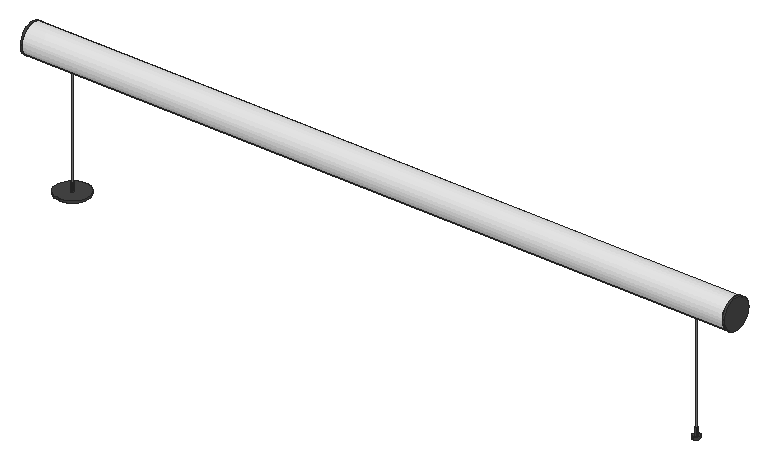
Revit family "Lighting-Linear-Baso-Tubo_Surface_Suspended", category Lighting Fixtures, host Face, Revit 2020 (continued)
Types in the file's own list only (360): name | Wattage Comments | Suspended | Photometric File Name | Mounting Method | Lumens Output | Length | C Length | Model | CRI | CCT | Apparent Load
  TUBO-SUR-GR-OP-30K-C90-UNV-010V-1050LF-72IN | "46W" | No | "generic.ies" | "Pendant" | "1050lm/ft" | 6' - 0" | 6' - 0" | "TUBO-SUR-GR-OP-30K-C90-UNV-010V-1050LF-72IN" | "CRI>90" | "3000K" | 51 VA
  TUBO-SUR-GR-OP-30K-C90-UNV-010V-1050LF-96IN | "61W" | No | "BASO__20_06_TUBO-DIR-OP-30K-1000LF-96IN.ies" | "Pendant" | "1050lm/ft" | 8' - 0" | 8' - 0" | "TUBO-SUR-GR-OP-30K-C90-UNV-010V-1050LF-96IN" | "CRI>90" | "3000K" | 68 VA
  TUBO-SUR-GR-OP-30K-C90-UNV-010V-1050LF-XXIN | "77W" | No | "generic.ies" | "Pendant" | "1050lm/ft" | 2' - 0" | 2' - 0" | "TUBO-SUR-GR-OP-30K-C90-UNV-010V-1050LF-XXIN" | "CRI>90" | "3000K" | 86 VA
  TUBO-SUR-GR-OP-35K-C80-UNV-010V-0680LF-24IN | "9W" | No | "generic.ies" | "Pendant" | "680lm/ft" | 2' - 0" | 2' - 0" | "TUBO-SUR-GR-OP-35K-C80-UNV-010V-0680LF-24IN" | "CRI>80" | "3500K" | 10 VA
  TUBO-SUR-GR-OP-35K-C80-UNV-010V-0680LF-48IN | "19W" | No | "BASO__20_06_TUBO-DIR-OP-35K-0600LF-48IN.ies" | "Pendant" | "680lm/ft" | 4' - 0" | 4' - 0" | "TUBO-SUR-GR-OP-35K-C80-UNV-010V-0680LF-48IN" | "CRI>80" | "3500K" | 21 VA
  TUBO-SUR-GR-OP-35K-C80-UNV-010V-0680LF-72IN | "29W" | No | "generic.ies" | "Pendant" | "680lm/ft" | 6' - 0" | 6' - 0" | "TUBO-SUR-GR-OP-35K-C80-UNV-010V-0680LF-72IN" | "CRI>80" | "3500K" | 32 VA
  TUBO-SUR-GR-OP-35K-C80-UNV-010V-0680LF-96IN | "38W" | No | "BASO__20_06_TUBO-DIR-OP-35K-0600LF-96IN.ies" | "Pendant" | "680lm/ft" | 8' - 0" | 8' - 0" | "TUBO-SUR-GR-OP-35K-C80-UNV-010V-0680LF-96IN" | "CRI>80" | "3500K" | 42 VA
  TUBO-SUR-GR-OP-35K-C80-UNV-010V-0680LF-XXIN | "47W" | No | "generic.ies" | "Pendant" | "680lm/ft" | 2' - 0" | 2' - 0" | "TUBO-SUR-GR-OP-35K-C80-UNV-010V-0680LF-XXIN" | "CRI>80" | "3500K" | 52 VA
  TUBO-SUR-GR-OP-35K-C80-UNV-010V-1050LF-24IN | "15W" | No | "generic.ies" | "Pendant" | "1050lm/ft" | 2' - 0" | 2' - 0" | "TUBO-SUR-GR-OP-35K-C80-UNV-010V-1050LF-24IN" | "CRI>80" | "3500K" | 17 VA
  TUBO-SUR-GR-OP-35K-C80-UNV-010V-1050LF-48IN | "31W" | No | "BASO__20_06_TUBO-DIR-OP-35K-1000LF-48IN.ies" | "Pendant" | "1050lm/ft" | 4' - 0" | 4' - 0" | "TUBO-SUR-GR-OP-35K-C80-UNV-010V-1050LF-48IN" | "CRI>80" | "3500K" | 34 VA
  TUBO-SUR-GR-OP-35K-C80-UNV-010V-1050LF-72IN | "46W" | No | "generic.ies" | "Pendant" | "1050lm/ft" | 6' - 0" | 6' - 0" | "TUBO-SUR-GR-OP-35K-C80-UNV-010V-1050LF-72IN" | "CRI>80" | "3500K" | 51 VA
  TUBO-SUR-GR-OP-35K-C80-UNV-010V-1050LF-96IN | "61W" | No | "BASO__20_06_TUBO-DIR-OP-35K-1000LF-96IN.ies" | "Pendant" | "1050lm/ft" | 8' - 0" | 8' - 0" | "TUBO-SUR-GR-OP-35K-C80-UNV-010V-1050LF-96IN" | "CRI>80" | "3500K" | 68 VA
  TUBO-SUR-GR-OP-35K-C80-UNV-010V-1050LF-XXIN | "77W" | No | "generic.ies" | "Pendant" | "1050lm/ft" | 2' - 0" | 2' - 0" | "TUBO-SUR-GR-OP-35K-C80-UNV-010V-1050LF-XXIN" | "CRI>80" | "3500K" | 86 VA
  TUBO-SUR-GR-OP-35K-C90-UNV-010V-0680LF-24IN | "9W" | No | "generic.ies" | "Pendant" | "680lm/ft" | 2' - 0" | 2' - 0" | "TUBO-SUR-GR-OP-35K-C90-UNV-010V-0680LF-24IN" | "CRI>90" | "3500K" | 10 VA
  TUBO-SUR-GR-OP-35K-C90-UNV-010V-0680LF-48IN | "19W" | No | "BASO__20_06_TUBO-DIR-OP-35K-0600LF-48IN.ies" | "Pendant" | "680lm/ft" | 4' - 0" | 4' - 0" | "TUBO-SUR-GR-OP-35K-C90-UNV-010V-0680LF-48IN" | "CRI>90" | "3500K" | 21 VA
  TUBO-SUR-GR-OP-35K-C90-UNV-010V-0680LF-72IN | "29W" | No | "generic.ies" | "Pendant" | "680lm/ft" | 6' - 0" | 6' - 0" | "TUBO-SUR-GR-OP-35K-C90-UNV-010V-0680LF-72IN" | "CRI>90" | "3500K" | 32 VA
  TUBO-SUR-GR-OP-35K-C90-UNV-010V-0680LF-96IN | "38W" | No | "BASO__20_06_TUBO-DIR-OP-35K-0600LF-96IN.ies" | "Pendant" | "680lm/ft" | 8' - 0" | 8' - 0" | "TUBO-SUR-GR-OP-35K-C90-UNV-010V-0680LF-96IN" | "CRI>90" | "3500K" | 42 VA
  TUBO-SUR-GR-OP-35K-C90-UNV-010V-0680LF-XXIN | "47W" | No | "generic.ies" | "Pendant" | "680lm/ft" | 2' - 0" | 2' - 0" | "TUBO-SUR-GR-OP-35K-C90-UNV-010V-0680LF-XXIN" | "CRI>90" | "3500K" | 52 VA
  TUBO-SUR-GR-OP-35K-C90-UNV-010V-1050LF-24IN | "15W" | No | "generic.ies" | "Pendant" | "1050lm/ft" | 2' - 0" | 2' - 0" | "TUBO-SUR-GR-OP-35K-C90-UNV-010V-1050LF-24IN" | "CRI>90" | "3500K" | 17 VA
  TUBO-SUR-GR-OP-35K-C90-UNV-010V-1050LF-48IN | "31W" | No | "BASO__20_06_TUBO-DIR-OP-35K-1000LF-48IN.ies" | "Pendant" | "1050lm/ft" | 4' - 0" | 4' - 0" | "TUBO-SUR-GR-OP-35K-C90-UNV-010V-1050LF-48IN" | "CRI>90" | "3500K" | 34 VA
  TUBO-SUR-GR-OP-35K-C90-UNV-010V-1050LF-72IN | "46W" | No | "generic.ies" | "Pendant" | "1050lm/ft" | 6' - 0" | 6' - 0" | "TUBO-SUR-GR-OP-35K-C90-UNV-010V-1050LF-72IN" | "CRI>90" | "3500K" | 51 VA
  TUBO-SUR-GR-OP-35K-C90-UNV-010V-1050LF-96IN | "61W" | No | "BASO__20_06_TUBO-DIR-OP-35K-1000LF-96IN.ies" | "Pendant" | "1050lm/ft" | 8' - 0" | 8' - 0" | "TUBO-SUR-GR-OP-35K-C90-UNV-010V-1050LF-96IN" | "CRI>90" | "3500K" | 68 VA
  TUBO-SUR-GR-OP-35K-C90-UNV-010V-1050LF-XXIN | "77W" | No | "generic.ies" | "Pendant" | "1050lm/ft" | 2' - 0" | 2' - 0" | "TUBO-SUR-GR-OP-35K-C90-UNV-010V-1050LF-XXIN" | "CRI>90" | "3500K" | 86 VA
  TUBO-SUR-GR-OP-40K-C80-UNV-010V-0680LF-24IN | "9W" | No | "generic.ies" | "Pendant" | "680lm/ft" | 2' - 0" | 2' - 0" | "TUBO-SUR-GR-OP-40K-C80-UNV-010V-0680LF-24IN" | "CRI>80" | "4000K" | 10 VA
  TUBO-SUR-GR-OP-40K-C80-UNV-010V-0680LF-48IN | "19W" | No | "BASO__20_06_TUBO-DIR-OP-40K-0600LF-48IN.ies" | "Pendant" | "680lm/ft" | 4' - 0" | 4' - 0" | "TUBO-SUR-GR-OP-40K-C80-UNV-010V-0680LF-48IN" | "CRI>80" | "4000K" | 21 VA
  TUBO-SUR-GR-OP-40K-C80-UNV-010V-0680LF-72IN | "29W" | No | "generic.ies" | "Pendant" | "680lm/ft" | 6' - 0" | 6' - 0" | "TUBO-SUR-GR-OP-40K-C80-UNV-010V-0680LF-72IN" | "CRI>80" | "4000K" | 32 VA
  TUBO-SUR-GR-OP-40K-C80-UNV-010V-0680LF-96IN | "38W" | No | "BASO__20_06_TUBO-DIR-OP-40K-0600LF-96IN.ies" | "Pendant" | "680lm/ft" | 8' - 0" | 8' - 0" | "TUBO-SUR-GR-OP-40K-C80-UNV-010V-0680LF-96IN" | "CRI>80" | "4000K" | 42 VA
  TUBO-SUR-GR-OP-40K-C80-UNV-010V-0680LF-XXIN | "47W" | No | "generic.ies" | "Pendant" | "680lm/ft" | 2' - 0" | 2' - 0" | "TUBO-SUR-GR-OP-40K-C80-UNV-010V-0680LF-XXIN" | "CRI>80" | "4000K" | 52 VA
  TUBO-SUR-GR-OP-40K-C80-UNV-010V-1050LF-24IN | "15W" | No | "generic.ies" | "Pendant" | "1050lm/ft" | 2' - 0" | 2' - 0" | "TUBO-SUR-GR-OP-40K-C80-UNV-010V-1050LF-24IN" | "CRI>80" | "4000K" | 17 VA
  TUBO-SUR-GR-OP-40K-C80-UNV-010V-1050LF-48IN | "31W" | No | "BASO__20_06_TUBO-DIR-OP-40K-1000LF-48IN.ies" | "Pendant" | "1050lm/ft" | 4' - 0" | 4' - 0" | "TUBO-SUR-GR-OP-40K-C80-UNV-010V-1050LF-48IN" | "CRI>80" | "4000K" | 34 VA
  TUBO-SUR-GR-OP-40K-C80-UNV-010V-1050LF-72IN | "46W" | No | "generic.ies" | "Pendant" | "1050lm/ft" | 6' - 0" | 6' - 0" | "TUBO-SUR-GR-OP-40K-C80-UNV-010V-1050LF-72IN" | "CRI>80" | "4000K" | 51 VA
  TUBO-SUR-GR-OP-40K-C80-UNV-010V-1050LF-96IN | "61W" | No | "BASO__20_06_TUBO-DIR-OP-40K-1000LF-96IN.ies" | "Pendant" | "1050lm/ft" | 8' - 0" | 8' - 0" | "TUBO-SUR-GR-OP-40K-C80-UNV-010V-1050LF-96IN" | "CRI>80" | "4000K" | 68 VA
  TUBO-SUR-GR-OP-40K-C80-UNV-010V-1050LF-XXIN | "77W" | No | "generic.ies" | "Pendant" | "1050lm/ft" | 2' - 0" | 2' - 0" | "TUBO-SUR-GR-OP-40K-C80-UNV-010V-1050LF-XXIN" | "CRI>80" | "4000K" | 86 VA
  TUBO-SUR-GR-OP-40K-C90-UNV-010V-0680LF-24IN | "9W" | No | "generic.ies" | "Pendant" | "680lm/ft" | 2' - 0" | 2' - 0" | "TUBO-SUR-GR-OP-40K-C90-UNV-010V-0680LF-24IN" | "CRI>90" | "4000K" | 10 VA
  TUBO-SUR-GR-OP-40K-C90-UNV-010V-0680LF-48IN | "19W" | No | "BASO__20_06_TUBO-DIR-OP-40K-0600LF-48IN.ies" | "Pendant" | "680lm/ft" | 4' - 0" | 4' - 0" | "TUBO-SUR-GR-OP-40K-C90-UNV-010V-0680LF-48IN" | "CRI>90" | "4000K" | 21 VA
  TUBO-SUR-GR-OP-40K-C90-UNV-010V-0680LF-72IN | "29W" | No | "generic.ies" | "Pendant" | "680lm/ft" | 6' - 0" | 6' - 0" | "TUBO-SUR-GR-OP-40K-C90-UNV-010V-0680LF-72IN" | "CRI>90" | "4000K" | 32 VA
  TUBO-SUR-GR-OP-40K-C90-UNV-010V-0680LF-96IN | "38W" | No | "BASO__20_06_TUBO-DIR-OP-40K-0600LF-96IN.ies" | "Pendant" | "680lm/ft" | 8' - 0" | 8' - 0" | "TUBO-SUR-GR-OP-40K-C90-UNV-010V-0680LF-96IN" | "CRI>90" | "4000K" | 42 VA
  TUBO-SUR-GR-OP-40K-C90-UNV-010V-0680LF-XXIN | "47W" | No | "generic.ies" | "Pendant" | "680lm/ft" | 2' - 0" | 2' - 0" | "TUBO-SUR-GR-OP-40K-C90-UNV-010V-0680LF-XXIN" | "CRI>90" | "4000K" | 52 VA
  TUBO-SUR-GR-OP-40K-C90-UNV-010V-1050LF-24IN | "15W" | No | "generic.ies" | "Pendant" | "1050lm/ft" | 2' - 0" | 2' - 0" | "TUBO-SUR-GR-OP-40K-C90-UNV-010V-1050LF-24IN" | "CRI>90" | "4000K" | 17 VA
  TUBO-SUR-GR-OP-40K-C90-UNV-010V-1050LF-48IN | "31W" | No | "BASO__20_06_TUBO-DIR-OP-40K-1000LF-48IN.ies" | "Pendant" | "1050lm/ft" | 4' - 0" | 4' - 0" | "TUBO-SUR-GR-OP-40K-C90-UNV-010V-1050LF-48IN" | "CRI>90" | "4000K" | 34 VA
  TUBO-SUR-GR-OP-40K-C90-UNV-010V-1050LF-72IN | "46W" | No | "generic.ies" | "Pendant" | "1050lm/ft" | 6' - 0" | 6' - 0" | "TUBO-SUR-GR-OP-40K-C90-UNV-010V-1050LF-72IN" | "CRI>90" | "4000K" | 51 VA
  TUBO-SUR-GR-OP-40K-C90-UNV-010V-1050LF-96IN | "61W" | No | "BASO__20_06_TUBO-DIR-OP-40K-1000LF-96IN.ies" | "Pendant" | "1050lm/ft" | 8' - 0" | 8' - 0" | "TUBO-SUR-GR-OP-40K-C90-UNV-010V-1050LF-96IN" | "CRI>90" | "4000K" | 68 VA
  TUBO-SUR-GR-OP-40K-C90-UNV-010V-1050LF-XXIN | "77W" | No | "generic.ies" | "Pendant" | "1050lm/ft" | 2' - 0" | 2' - 0" | "TUBO-SUR-GR-OP-40K-C90-UNV-010V-1050LF-XXIN" | "CRI>90" | "4000K" | 86 VA
  TUBO-PDT-WH-OP-30K-C80-UNV-010V-0680LF-24IN | "9W" | Yes | "generic.ies" | "Suspended" | "680lm/ft" | 2' - 0" | 2' - 0" | "TUBO-PDT-WH-OP-30K-C80-UNV-010V-0680LF-24IN" | "CRI>80" | "3000K" | 10 VA
  TUBO-PDT-WH-OP-30K-C80-UNV-010V-0680LF-48IN | "19W" | Yes | "BASO__20_06_TUBO-DIR-OP-30K-0600LF-48IN.ies" | "Suspended" | "680lm/ft" | 4' - 0" | 4' - 0" | "TUBO-PDT-WH-OP-30K-C80-UNV-010V-0680LF-48IN" | "CRI>80" | "3000K" | 21 VA
  TUBO-PDT-WH-OP-30K-C80-UNV-010V-0680LF-72IN | "29W" | Yes | "generic.ies" | "Suspended" | "680lm/ft" | 6' - 0" | 6' - 0" | "TUBO-PDT-WH-OP-30K-C80-UNV-010V-0680LF-72IN" | "CRI>80" | "3000K" | 32 VA
  TUBO-PDT-WH-OP-30K-C80-UNV-010V-0680LF-96IN | "38W" | Yes | "BASO__20_06_TUBO-DIR-OP-30K-0600LF-96IN.ies" | "Suspended" | "680lm/ft" | 8' - 0" | 8' - 0" | "TUBO-PDT-WH-OP-30K-C80-UNV-010V-0680LF-96IN" | "CRI>80" | "3000K" | 42 VA
  TUBO-PDT-WH-OP-30K-C80-UNV-010V-0680LF-XXIN | "47W" | Yes | "generic.ies" | "Suspended" | "680lm/ft" | 2' - 0" | 2' - 0" | "TUBO-PDT-WH-OP-30K-C80-UNV-010V-0680LF-XXIN" | "CRI>80" | "3000K" | 52 VA
  TUBO-PDT-WH-OP-30K-C80-UNV-010V-1050LF-24IN | "15W" | Yes | "generic.ies" | "Suspended" | "1050lm/ft" | 2' - 0" | 2' - 0" | "TUBO-PDT-WH-OP-30K-C80-UNV-010V-1050LF-24IN" | "CRI>80" | "3000K" | 17 VA
  TUBO-PDT-WH-OP-30K-C80-UNV-010V-1050LF-48IN | "31W" | Yes | "BASO__20_06_TUBO-DIR-OP-30K-1000LF-48IN.ies" | "Suspended" | "1050lm/ft" | 4' - 0" | 4' - 0" | "TUBO-PDT-WH-OP-30K-C80-UNV-010V-1050LF-48IN" | "CRI>80" | "3000K" | 34 VA
  TUBO-PDT-WH-OP-30K-C80-UNV-010V-1050LF-72IN | "46W" | Yes | "generic.ies" | "Suspended" | "1050lm/ft" | 6' - 0" | 6' - 0" | "TUBO-PDT-WH-OP-30K-C80-UNV-010V-1050LF-72IN" | "CRI>80" | "3000K" | 51 VA
  TUBO-PDT-WH-OP-30K-C80-UNV-010V-1050LF-96IN | "61W" | Yes | "BASO__20_06_TUBO-DIR-OP-30K-1000LF-96IN.ies" | "Suspended" | "1050lm/ft" | 8' - 0" | 8' - 0" | "TUBO-PDT-WH-OP-30K-C80-UNV-010V-1050LF-96IN" | "CRI>80" | "3000K" | 68 VA
  TUBO-PDT-WH-OP-30K-C80-UNV-010V-1050LF-XXIN | "77W" | Yes | "generic.ies" | "Suspended" | "1050lm/ft" | 2' - 0" | 2' - 0" | "TUBO-PDT-WH-OP-30K-C80-UNV-010V-1050LF-XXIN" | "CRI>80" | "3000K" | 86 VA
  TUBO-PDT-WH-OP-30K-C90-UNV-010V-0680LF-24IN | "9W" | Yes | "generic.ies" | "Suspended" | "680lm/ft" | 2' - 0" | 2' - 0" | "TUBO-PDT-WH-OP-30K-C90-UNV-010V-0680LF-24IN" | "CRI>90" | "3000K" | 10 VA
  TUBO-PDT-WH-OP-30K-C90-UNV-010V-0680LF-48IN | "19W" | Yes | "BASO__20_06_TUBO-DIR-OP-30K-0600LF-48IN.ies" | "Suspended" | "680lm/ft" | 4' - 0" | 4' - 0" | "TUBO-PDT-WH-OP-30K-C90-UNV-010V-0680LF-48IN" | "CRI>90" | "3000K" | 21 VA
  TUBO-PDT-WH-OP-30K-C90-UNV-010V-0680LF-72IN | "29W" | Yes | "generic.ies" | "Suspended" | "680lm/ft" | 6' - 0" | 6' - 0" | "TUBO-PDT-WH-OP-30K-C90-UNV-010V-0680LF-72IN" | "CRI>90" | "3000K" | 32 VA
  TUBO-PDT-WH-OP-30K-C90-UNV-010V-0680LF-96IN | "38W" | Yes | "BASO__20_06_TUBO-DIR-OP-30K-0600LF-96IN.ies" | "Suspended" | "680lm/ft" | 8' - 0" | 8' - 0" | "TUBO-PDT-WH-OP-30K-C90-UNV-010V-0680LF-96IN" | "CRI>90" | "3000K" | 42 VA
  TUBO-PDT-WH-OP-30K-C90-UNV-010V-0680LF-XXIN | "47W" | Yes | "generic.ies" | "Suspended" | "680lm/ft" | 2' - 0" | 2' - 0" | "TUBO-PDT-WH-OP-30K-C90-UNV-010V-0680LF-XXIN" | "CRI>90" | "3000K" | 52 VA
  TUBO-PDT-WH-OP-30K-C90-UNV-010V-1050LF-24IN | "15W" | Yes | "generic.ies" | "Suspended" | "1050lm/ft" | 2' - 0" | 2' - 0" | "TUBO-PDT-WH-OP-30K-C90-UNV-010V-1050LF-24IN" | "CRI>90" | "3000K" | 17 VA
  TUBO-PDT-WH-OP-30K-C90-UNV-010V-1050LF-48IN | "31W" | Yes | "BASO__20_06_TUBO-DIR-OP-30K-1000LF-48IN.ies" | "Suspended" | "1050lm/ft" | 4' - 0" | 4' - 0" | "TUBO-PDT-WH-OP-30K-C90-UNV-010V-1050LF-48IN" | "CRI>90" | "3000K" | 34 VA
  TUBO-PDT-WH-OP-30K-C90-UNV-010V-1050LF-72IN | "46W" | Yes | "generic.ies" | "Suspended" | "1050lm/ft" | 6' - 0" | 6' - 0" | "TUBO-PDT-WH-OP-30K-C90-UNV-010V-1050LF-72IN" | "CRI>90" | "3000K" | 51 VA
  TUBO-PDT-WH-OP-30K-C90-UNV-010V-1050LF-96IN | "61W" | Yes | "BASO__20_06_TUBO-DIR-OP-30K-1000LF-96IN.ies" | "Suspended" | "1050lm/ft" | 8' - 0" | 8' - 0" | "TUBO-PDT-WH-OP-30K-C90-UNV-010V-1050LF-96IN" | "CRI>90" | "3000K" | 68 VA
  TUBO-PDT-WH-OP-30K-C90-UNV-010V-1050LF-XXIN | "77W" | Yes | "generic.ies" | "Suspended" | "1050lm/ft" | 2' - 0" | 2' - 0" | "TUBO-PDT-WH-OP-30K-C90-UNV-010V-1050LF-XXIN" | "CRI>90" | "3000K" | 86 VA
  TUBO-PDT-WH-OP-35K-C80-UNV-010V-0680LF-24IN | "9W" | Yes | "generic.ies" | "Suspended" | "680lm/ft" | 2' - 0" | 2' - 0" | "TUBO-PDT-WH-OP-35K-C80-UNV-010V-0680LF-24IN" | "CRI>80" | "3500K" | 10 VA
  TUBO-PDT-WH-OP-35K-C80-UNV-010V-0680LF-48IN | "19W" | Yes | "BASO__20_06_TUBO-DIR-OP-35K-0600LF-48IN.ies" | "Suspended" | "680lm/ft" | 4' - 0" | 4' - 0" | "TUBO-PDT-WH-OP-35K-C80-UNV-010V-0680LF-48IN" | "CRI>80" | "3500K" | 21 VA
  TUBO-PDT-WH-OP-35K-C80-UNV-010V-0680LF-72IN | "29W" | Yes | "generic.ies" | "Suspended" | "680lm/ft" | 6' - 0" | 6' - 0" | "TUBO-PDT-WH-OP-35K-C80-UNV-010V-0680LF-72IN" | "CRI>80" | "3500K" | 32 VA
  TUBO-PDT-WH-OP-35K-C80-UNV-010V-0680LF-96IN | "38W" | Yes | "BASO__20_06_TUBO-DIR-OP-35K-0600LF-96IN.ies" | "Suspended" | "680lm/ft" | 8' - 0" | 8' - 0" | "TUBO-PDT-WH-OP-35K-C80-UNV-010V-0680LF-96IN" | "CRI>80" | "3500K" | 42 VA
  TUBO-PDT-WH-OP-35K-C80-UNV-010V-0680LF-XXIN | "47W" | Yes | "generic.ies" | "Suspended" | "680lm/ft" | 2' - 0" | 2' - 0" | "TUBO-PDT-WH-OP-35K-C80-UNV-010V-0680LF-XXIN" | "CRI>80" | "3500K" | 52 VA
  TUBO-PDT-WH-OP-35K-C80-UNV-010V-1050LF-24IN | "15W" | Yes | "generic.ies" | "Suspended" | "1050lm/ft" | 2' - 0" | 2' - 0" | "TUBO-PDT-WH-OP-35K-C80-UNV-010V-1050LF-24IN" | "CRI>80" | "3500K" | 17 VA
  TUBO-PDT-WH-OP-35K-C80-UNV-010V-1050LF-48IN | "31W" | Yes | "BASO__20_06_TUBO-DIR-OP-35K-1000LF-48IN.ies" | "Suspended" | "1050lm/ft" | 4' - 0" | 4' - 0" | "TUBO-PDT-WH-OP-35K-C80-UNV-010V-1050LF-48IN" | "CRI>80" | "3500K" | 34 VA
  TUBO-PDT-WH-OP-35K-C80-UNV-010V-1050LF-72IN | "46W" | Yes | "generic.ies" | "Suspended" | "1050lm/ft" | 6' - 0" | 6' - 0" | "TUBO-PDT-WH-OP-35K-C80-UNV-010V-1050LF-72IN" | "CRI>80" | "3500K" | 51 VA
  TUBO-PDT-WH-OP-35K-C80-UNV-010V-1050LF-96IN | "61W" | Yes | "BASO__20_06_TUBO-DIR-OP-35K-1000LF-96IN.ies" | "Suspended" | "1050lm/ft" | 8' - 0" | 8' - 0" | "TUBO-PDT-WH-OP-35K-C80-UNV-010V-1050LF-96IN" | "CRI>80" | "3500K" | 68 VA
  TUBO-PDT-WH-OP-35K-C80-UNV-010V-1050LF-XXIN | "77W" | Yes | "generic.ies" | "Suspended" | "1050lm/ft" | 2' - 0" | 2' - 0" | "TUBO-PDT-WH-OP-35K-C80-UNV-010V-1050LF-XXIN" | "CRI>80" | "3500K" | 86 VA
  TUBO-PDT-WH-OP-35K-C90-UNV-010V-0680LF-24IN | "9W" | Yes | "generic.ies" | "Suspended" | "680lm/ft" | 2' - 0" | 2' - 0" | "TUBO-PDT-WH-OP-35K-C90-UNV-010V-0680LF-24IN" | "CRI>90" | "3500K" | 10 VA
  TUBO-PDT-WH-OP-35K-C90-UNV-010V-0680LF-48IN | "19W" | Yes | "BASO__20_06_TUBO-DIR-OP-35K-0600LF-48IN.ies" | "Suspended" | "680lm/ft" | 4' - 0" | 4' - 0" | "TUBO-PDT-WH-OP-35K-C90-UNV-010V-0680LF-48IN" | "CRI>90" | "3500K" | 21 VA
  TUBO-PDT-WH-OP-35K-C90-UNV-010V-0680LF-72IN | "29W" | Yes | "generic.ies" | "Suspended" | "680lm/ft" | 6' - 0" | 6' - 0" | "TUBO-PDT-WH-OP-35K-C90-UNV-010V-0680LF-72IN" | "CRI>90" | "3500K" | 32 VA
  TUBO-PDT-WH-OP-35K-C90-UNV-010V-0680LF-96IN | "38W" | Yes | "BASO__20_06_TUBO-DIR-OP-35K-0600LF-96IN.ies" | "Suspended" | "680lm/ft" | 8' - 0" | 8' - 0" | "TUBO-PDT-WH-OP-35K-C90-UNV-010V-0680LF-96IN" | "CRI>90" | "3500K" | 42 VA
  TUBO-PDT-WH-OP-35K-C90-UNV-010V-0680LF-XXIN | "47W" | Yes | "generic.ies" | "Suspended" | "680lm/ft" | 2' - 0" | 2' - 0" | "TUBO-PDT-WH-OP-35K-C90-UNV-010V-0680LF-XXIN" | "CRI>90" | "3500K" | 52 VA
  TUBO-PDT-WH-OP-35K-C90-UNV-010V-1050LF-24IN | "15W" | Yes | "generic.ies" | "Suspended" | "1050lm/ft" | 2' - 0" | 2' - 0" | "TUBO-PDT-WH-OP-35K-C90-UNV-010V-1050LF-24IN" | "CRI>90" | "3500K" | 17 VA
  TUBO-PDT-WH-OP-35K-C90-UNV-010V-1050LF-48IN | "31W" | Yes | "BASO__20_06_TUBO-DIR-OP-35K-1000LF-48IN.ies" | "Suspended" | "1050lm/ft" | 4' - 0" | 4' - 0" | "TUBO-PDT-WH-OP-35K-C90-UNV-010V-1050LF-48IN" | "CRI>90" | "3500K" | 34 VA
  TUBO-PDT-WH-OP-35K-C90-UNV-010V-1050LF-72IN | "46W" | Yes | "generic.ies" | "Suspended" | "1050lm/ft" | 6' - 0" | 6' - 0" | "TUBO-PDT-WH-OP-35K-C90-UNV-010V-1050LF-72IN" | "CRI>90" | "3500K" | 51 VA
  TUBO-PDT-WH-OP-35K-C90-UNV-010V-1050LF-96IN | "61W" | Yes | "BASO__20_06_TUBO-DIR-OP-35K-1000LF-96IN.ies" | "Suspended" | "1050lm/ft" | 8' - 0" | 8' - 0" | "TUBO-PDT-WH-OP-35K-C90-UNV-010V-1050LF-96IN" | "CRI>90" | "3500K" | 68 VA
  TUBO-PDT-WH-OP-35K-C90-UNV-010V-1050LF-XXIN | "77W" | Yes | "generic.ies" | "Suspended" | "1050lm/ft" | 2' - 0" | 2' - 0" | "TUBO-PDT-WH-OP-35K-C90-UNV-010V-1050LF-XXIN" | "CRI>90" | "3500K" | 86 VA
  TUBO-PDT-WH-OP-40K-C80-UNV-010V-0680LF-24IN | "9W" | Yes | "generic.ies" | "Suspended" | "680lm/ft" | 2' - 0" | 2' - 0" | "TUBO-PDT-WH-OP-40K-C80-UNV-010V-0680LF-24IN" | "CRI>80" | "4000K" | 10 VA
  TUBO-PDT-WH-OP-40K-C80-UNV-010V-0680LF-48IN | "19W" | Yes | "BASO__20_06_TUBO-DIR-OP-40K-0600LF-48IN.ies" | "Suspended" | "680lm/ft" | 4' - 0" | 4' - 0" | "TUBO-PDT-WH-OP-40K-C80-UNV-010V-0680LF-48IN" | "CRI>80" | "4000K" | 21 VA
  TUBO-PDT-WH-OP-40K-C80-UNV-010V-0680LF-72IN | "29W" | Yes | "generic.ies" | "Suspended" | "680lm/ft" | 6' - 0" | 6' - 0" | "TUBO-PDT-WH-OP-40K-C80-UNV-010V-0680LF-72IN" | "CRI>80" | "4000K" | 32 VA
  TUBO-PDT-WH-OP-40K-C80-UNV-010V-0680LF-96IN | "38W" | Yes | "BASO__20_06_TUBO-DIR-OP-40K-0600LF-96IN.ies" | "Suspended" | "680lm/ft" | 8' - 0" | 8' - 0" | "TUBO-PDT-WH-OP-40K-C80-UNV-010V-0680LF-96IN" | "CRI>80" | "4000K" | 42 VA
  TUBO-PDT-WH-OP-40K-C80-UNV-010V-0680LF-XXIN | "47W" | Yes | "generic.ies" | "Suspended" | "680lm/ft" | 2' - 0" | 2' - 0" | "TUBO-PDT-WH-OP-40K-C80-UNV-010V-0680LF-XXIN" | "CRI>80" | "4000K" | 52 VA
  TUBO-PDT-WH-OP-40K-C80-UNV-010V-1050LF-24IN | "15W" | Yes | "generic.ies" | "Suspended" | "1050lm/ft" | 2' - 0" | 2' - 0" | "TUBO-PDT-WH-OP-40K-C80-UNV-010V-1050LF-24IN" | "CRI>80" | "4000K" | 17 VA
  TUBO-PDT-WH-OP-40K-C80-UNV-010V-1050LF-48IN | "31W" | Yes | "BASO__20_06_TUBO-DIR-OP-40K-1000LF-48IN.ies" | "Suspended" | "1050lm/ft" | 4' - 0" | 4' - 0" | "TUBO-PDT-WH-OP-40K-C80-UNV-010V-1050LF-48IN" | "CRI>80" | "4000K" | 34 VA
  TUBO-PDT-WH-OP-40K-C80-UNV-010V-1050LF-72IN | "46W" | Yes | "generic.ies" | "Suspended" | "1050lm/ft" | 6' - 0" | 6' - 0" | "TUBO-PDT-WH-OP-40K-C80-UNV-010V-1050LF-72IN" | "CRI>80" | "4000K" | 51 VA
  TUBO-PDT-WH-OP-40K-C80-UNV-010V-1050LF-96IN | "61W" | Yes | "BASO__20_06_TUBO-DIR-OP-40K-1000LF-96IN.ies" | "Suspended" | "1050lm/ft" | 8' - 0" | 8' - 0" | "TUBO-PDT-WH-OP-40K-C80-UNV-010V-1050LF-96IN" | "CRI>80" | "4000K" | 68 VA
  TUBO-PDT-WH-OP-40K-C80-UNV-010V-1050LF-XXIN | "77W" | Yes | "generic.ies" | "Suspended" | "1050lm/ft" | 2' - 0" | 2' - 0" | "TUBO-PDT-WH-OP-40K-C80-UNV-010V-1050LF-XXIN" | "CRI>80" | "4000K" | 86 VA
  TUBO-PDT-WH-OP-40K-C90-UNV-010V-0680LF-24IN | "9W" | Yes | "generic.ies" | "Suspended" | "680lm/ft" | 2' - 0" | 2' - 0" | "TUBO-PDT-WH-OP-40K-C90-UNV-010V-0680LF-24IN" | "CRI>90" | "4000K" | 10 VA
  TUBO-PDT-WH-OP-40K-C90-UNV-010V-0680LF-48IN | "19W" | Yes | "BASO__20_06_TUBO-DIR-OP-40K-0600LF-48IN.ies" | "Suspended" | "680lm/ft" | 4' - 0" | 4' - 0" | "TUBO-PDT-WH-OP-40K-C90-UNV-010V-0680LF-48IN" | "CRI>90" | "4000K" | 21 VA
  TUBO-PDT-WH-OP-40K-C90-UNV-010V-0680LF-72IN | "29W" | Yes | "generic.ies" | "Suspended" | "680lm/ft" | 6' - 0" | 6' - 0" | "TUBO-PDT-WH-OP-40K-C90-UNV-010V-0680LF-72IN" | "CRI>90" | "4000K" | 32 VA
  TUBO-PDT-WH-OP-40K-C90-UNV-010V-0680LF-96IN | "38W" | Yes | "BASO__20_06_TUBO-DIR-OP-40K-0600LF-96IN.ies" | "Suspended" | "680lm/ft" | 8' - 0" | 8' - 0" | "TUBO-PDT-WH-OP-40K-C90-UNV-010V-0680LF-96IN" | "CRI>90" | "4000K" | 42 VA
  TUBO-PDT-WH-OP-40K-C90-UNV-010V-0680LF-XXIN | "47W" | Yes | "generic.ies" | "Suspended" | "680lm/ft" | 2' - 0" | 2' - 0" | "TUBO-PDT-WH-OP-40K-C90-UNV-010V-0680LF-XXIN" | "CRI>90" | "4000K" | 52 VA
  TUBO-PDT-WH-OP-40K-C90-UNV-010V-1050LF-24IN | "15W" | Yes | "generic.ies" | "Suspended" | "1050lm/ft" | 2' - 0" | 2' - 0" | "TUBO-PDT-WH-OP-40K-C90-UNV-010V-1050LF-24IN" | "CRI>90" | "4000K" | 17 VA
  TUBO-PDT-WH-OP-40K-C90-UNV-010V-1050LF-48IN | "31W" | Yes | "BASO__20_06_TUBO-DIR-OP-40K-1000LF-48IN.ies" | "Suspended" | "1050lm/ft" | 4' - 0" | 4' - 0" | "TUBO-PDT-WH-OP-40K-C90-UNV-010V-1050LF-48IN" | "CRI>90" | "4000K" | 34 VA
  TUBO-PDT-WH-OP-40K-C90-UNV-010V-1050LF-72IN | "46W" | Yes | "generic.ies" | "Suspended" | "1050lm/ft" | 6' - 0" | 6' - 0" | "TUBO-PDT-WH-OP-40K-C90-UNV-010V-1050LF-72IN" | "CRI>90" | "4000K" | 51 VA
  TUBO-PDT-WH-OP-40K-C90-UNV-010V-1050LF-96IN | "61W" | Yes | "BASO__20_06_TUBO-DIR-OP-40K-1000LF-96IN.ies" | "Suspended" | "1050lm/ft" | 8' - 0" | 8' - 0" | "TUBO-PDT-WH-OP-40K-C90-UNV-010V-1050LF-96IN" | "CRI>90" | "4000K" | 68 VA
  TUBO-PDT-WH-OP-40K-C90-UNV-010V-1050LF-XXIN | "77W" | Yes | "generic.ies" | "Suspended" | "1050lm/ft" | 2' - 0" | 2' - 0" | "TUBO-PDT-WH-OP-40K-C90-UNV-010V-1050LF-XXIN" | "CRI>90" | "4000K" | 86 VA
  TUBO-PDT-BL-OP-30K-C80-UNV-010V-0680LF-24IN | "9W" | Yes | "generic.ies" | "Suspended" | "680lm/ft" | 2' - 0" | 2' - 0" | "TUBO-PDT-BL-OP-30K-C80-UNV-010V-0680LF-24IN" | "CRI>80" | "3000K" | 10 VA
  TUBO-PDT-BL-OP-30K-C80-UNV-010V-0680LF-48IN | "19W" | Yes | "BASO__20_06_TUBO-DIR-OP-30K-0600LF-48IN.ies" | "Suspended" | "680lm/ft" | 4' - 0" | 4' - 0" | "TUBO-PDT-BL-OP-30K-C80-UNV-010V-0680LF-48IN" | "CRI>80" | "3000K" | 21 VA
  TUBO-PDT-BL-OP-30K-C80-UNV-010V-0680LF-72IN | "29W" | Yes | "generic.ies" | "Suspended" | "680lm/ft" | 6' - 0" | 6' - 0" | "TUBO-PDT-BL-OP-30K-C80-UNV-010V-0680LF-72IN" | "CRI>80" | "3000K" | 32 VA
  TUBO-PDT-BL-OP-30K-C80-UNV-010V-0680LF-96IN | "38W" | Yes | "BASO__20_06_TUBO-DIR-OP-30K-0600LF-96IN.ies" | "Suspended" | "680lm/ft" | 8' - 0" | 8' - 0" | "TUBO-PDT-BL-OP-30K-C80-UNV-010V-0680LF-96IN" | "CRI>80" | "3000K" | 42 VA
  TUBO-PDT-BL-OP-30K-C80-UNV-010V-0680LF-XXIN | "47W" | Yes | "generic.ies" | "Suspended" | "680lm/ft" | 2' - 0" | 2' - 0" | "TUBO-PDT-BL-OP-30K-C80-UNV-010V-0680LF-XXIN" | "CRI>80" | "3000K" | 52 VA
  TUBO-PDT-BL-OP-30K-C80-UNV-010V-1050LF-24IN | "15W" | Yes | "generic.ies" | "Suspended" | "1050lm/ft" | 2' - 0" | 2' - 0" | "TUBO-PDT-BL-OP-30K-C80-UNV-010V-1050LF-24IN" | "CRI>80" | "3000K" | 17 VA
  TUBO-PDT-BL-OP-30K-C80-UNV-010V-1050LF-48IN | "31W" | Yes | "BASO__20_06_TUBO-DIR-OP-30K-1000LF-48IN.ies" | "Suspended" | "1050lm/ft" | 4' - 0" | 4' - 0" | "TUBO-PDT-BL-OP-30K-C80-UNV-010V-1050LF-48IN" | "CRI>80" | "3000K" | 34 VA
  TUBO-PDT-BL-OP-30K-C80-UNV-010V-1050LF-72IN | "46W" | Yes | "generic.ies" | "Suspended" | "1050lm/ft" | 6' - 0" | 6' - 0" | "TUBO-PDT-BL-OP-30K-C80-UNV-010V-1050LF-72IN" | "CRI>80" | "3000K" | 51 VA
  TUBO-PDT-BL-OP-30K-C80-UNV-010V-1050LF-96IN | "61W" | Yes | "BASO__20_06_TUBO-DIR-OP-30K-1000LF-96IN.ies" | "Suspended" | "1050lm/ft" | 8' - 0" | 8' - 0" | "TUBO-PDT-BL-OP-30K-C80-UNV-010V-1050LF-96IN" | "CRI>80" | "3000K" | 68 VA
  TUBO-PDT-BL-OP-30K-C80-UNV-010V-1050LF-XXIN | "77W" | Yes | "generic.ies" | "Suspended" | "1050lm/ft" | 2' - 0" | 2' - 0" | "TUBO-PDT-BL-OP-30K-C80-UNV-010V-1050LF-XXIN" | "CRI>80" | "3000K" | 86 VA
  TUBO-PDT-BL-OP-30K-C90-UNV-010V-0680LF-24IN | "9W" | Yes | "generic.ies" | "Suspended" | "680lm/ft" | 2' - 0" | 2' - 0" | "TUBO-PDT-BL-OP-30K-C90-UNV-010V-0680LF-24IN" | "CRI>90" | "3000K" | 10 VA
  TUBO-PDT-BL-OP-30K-C90-UNV-010V-0680LF-48IN | "19W" | Yes | "BASO__20_06_TUBO-DIR-OP-30K-0600LF-48IN.ies" | "Suspended" | "680lm/ft" | 4' - 0" | 4' - 0" | "TUBO-PDT-BL-OP-30K-C90-UNV-010V-0680LF-48IN" | "CRI>90" | "3000K" | 21 VA
  TUBO-PDT-BL-OP-30K-C90-UNV-010V-0680LF-72IN | "29W" | Yes | "generic.ies" | "Suspended" | "680lm/ft" | 6' - 0" | 6' - 0" | "TUBO-PDT-BL-OP-30K-C90-UNV-010V-0680LF-72IN" | "CRI>90" | "3000K" | 32 VA
  TUBO-PDT-BL-OP-30K-C90-UNV-010V-0680LF-96IN | "38W" | Yes | "BASO__20_06_TUBO-DIR-OP-30K-0600LF-96IN.ies" | "Suspended" | "680lm/ft" | 8' - 0" | 8' - 0" | "TUBO-PDT-BL-OP-30K-C90-UNV-010V-0680LF-96IN" | "CRI>90" | "3000K" | 42 VA
  TUBO-PDT-BL-OP-30K-C90-UNV-010V-0680LF-XXIN | "47W" | Yes | "generic.ies" | "Suspended" | "680lm/ft" | 2' - 0" | 2' - 0" | "TUBO-PDT-BL-OP-30K-C90-UNV-010V-0680LF-XXIN" | "CRI>90" | "3000K" | 52 VA
  TUBO-PDT-BL-OP-30K-C90-UNV-010V-1050LF-24IN | "15W" | Yes | "generic.ies" | "Suspended" | "1050lm/ft" | 2' - 0" | 2' - 0" | "TUBO-PDT-BL-OP-30K-C90-UNV-010V-1050LF-24IN" | "CRI>90" | "3000K" | 17 VA
  TUBO-PDT-BL-OP-30K-C90-UNV-010V-1050LF-48IN | "31W" | Yes | "BASO__20_06_TUBO-DIR-OP-30K-1000LF-48IN.ies" | "Suspended" | "1050lm/ft" | 4' - 0" | 4' - 0" | "TUBO-PDT-BL-OP-30K-C90-UNV-010V-1050LF-48IN" | "CRI>90" | "3000K" | 34 VA
  TUBO-PDT-BL-OP-30K-C90-UNV-010V-1050LF-72IN | "46W" | Yes | "generic.ies" | "Suspended" | "1050lm/ft" | 6' - 0" | 6' - 0" | "TUBO-PDT-BL-OP-30K-C90-UNV-010V-1050LF-72IN" | "CRI>90" | "3000K" | 51 VA
  TUBO-PDT-BL-OP-30K-C90-UNV-010V-1050LF-96IN | "61W" | Yes | "BASO__20_06_TUBO-DIR-OP-30K-1000LF-96IN.ies" | "Suspended" | "1050lm/ft" | 8' - 0" | 8' - 0" | "TUBO-PDT-BL-OP-30K-C90-UNV-010V-1050LF-96IN" | "CRI>90" | "3000K" | 68 VA
  TUBO-PDT-BL-OP-30K-C90-UNV-010V-1050LF-XXIN | "77W" | Yes | "generic.ies" | "Suspended" | "1050lm/ft" | 2' - 0" | 2' - 0" | "TUBO-PDT-BL-OP-30K-C90-UNV-010V-1050LF-XXIN" | "CRI>90" | "3000K" | 86 VA
  TUBO-PDT-BL-OP-35K-C80-UNV-010V-0680LF-24IN | "9W" | Yes | "generic.ies" | "Suspended" | "680lm/ft" | 2' - 0" | 2' - 0" | "TUBO-PDT-BL-OP-35K-C80-UNV-010V-0680LF-24IN" | "CRI>80" | "3500K" | 10 VA
  TUBO-PDT-BL-OP-35K-C80-UNV-010V-0680LF-48IN | "19W" | Yes | "BASO__20_06_TUBO-DIR-OP-35K-0600LF-48IN.ies" | "Suspended" | "680lm/ft" | 4' - 0" | 4' - 0" | "TUBO-PDT-BL-OP-35K-C80-UNV-010V-0680LF-48IN" | "CRI>80" | "3500K" | 21 VA
  TUBO-PDT-BL-OP-35K-C80-UNV-010V-0680LF-72IN | "29W" | Yes | "generic.ies" | "Suspended" | "680lm/ft" | 6' - 0" | 6' - 0" | "TUBO-PDT-BL-OP-35K-C80-UNV-010V-0680LF-72IN" | "CRI>80" | "3500K" | 32 VA
  TUBO-PDT-BL-OP-35K-C80-UNV-010V-0680LF-96IN | "38W" | Yes | "BASO__20_06_TUBO-DIR-OP-35K-0600LF-96IN.ies" | "Suspended" | "680lm/ft" | 8' - 0" | 8' - 0" | "TUBO-PDT-BL-OP-35K-C80-UNV-010V-0680LF-96IN" | "CRI>80" | "3500K" | 42 VA
  TUBO-PDT-BL-OP-35K-C80-UNV-010V-0680LF-XXIN | "47W" | Yes | "generic.ies" | "Suspended" | "680lm/ft" | 2' - 0" | 2' - 0" | "TUBO-PDT-BL-OP-35K-C80-UNV-010V-0680LF-XXIN" | "CRI>80" | "3500K" | 52 VA
  TUBO-PDT-BL-OP-35K-C80-UNV-010V-1050LF-24IN | "15W" | Yes | "generic.ies" | "Suspended" | "1050lm/ft" | 2' - 0" | 2' - 0" | "TUBO-PDT-BL-OP-35K-C80-UNV-010V-1050LF-24IN" | "CRI>80" | "3500K" | 17 VA
  TUBO-PDT-BL-OP-35K-C80-UNV-010V-1050LF-48IN | "31W" | Yes | "BASO__20_06_TUBO-DIR-OP-35K-1000LF-48IN.ies" | "Suspended" | "1050lm/ft" | 4' - 0" | 4' - 0" | "TUBO-PDT-BL-OP-35K-C80-UNV-010V-1050LF-48IN" | "CRI>80" | "3500K" | 34 VA
  TUBO-PDT-BL-OP-35K-C80-UNV-010V-1050LF-72IN | "46W" | Yes | "generic.ies" | "Suspended" | "1050lm/ft" | 6' - 0" | 6' - 0" | "TUBO-PDT-BL-OP-35K-C80-UNV-010V-1050LF-72IN" | "CRI>80" | "3500K" | 51 VA
  TUBO-PDT-BL-OP-35K-C80-UNV-010V-1050LF-96IN | "61W" | Yes | "BASO__20_06_TUBO-DIR-OP-35K-1000LF-96IN.ies" | "Suspended" | "1050lm/ft" | 8' - 0" | 8' - 0" | "TUBO-PDT-BL-OP-35K-C80-UNV-010V-1050LF-96IN" | "CRI>80" | "3500K" | 68 VA
  TUBO-PDT-BL-OP-35K-C80-UNV-010V-1050LF-XXIN | "77W" | Yes | "generic.ies" | "Suspended" | "1050lm/ft" | 2' - 0" | 2' - 0" | "TUBO-PDT-BL-OP-35K-C80-UNV-010V-1050LF-XXIN" | "CRI>80" | "3500K" | 86 VA
  TUBO-PDT-BL-OP-35K-C90-UNV-010V-0680LF-24IN | "9W" | Yes | "generic.ies" | "Suspended" | "680lm/ft" | 2' - 0" | 2' - 0" | "TUBO-PDT-BL-OP-35K-C90-UNV-010V-0680LF-24IN" | "CRI>90" | "3500K" | 10 VA
  TUBO-PDT-BL-OP-35K-C90-UNV-010V-0680LF-48IN | "19W" | Yes | "BASO__20_06_TUBO-DIR-OP-35K-0600LF-48IN.ies" | "Suspended" | "680lm/ft" | 4' - 0" | 4' - 0" | "TUBO-PDT-BL-OP-35K-C90-UNV-010V-0680LF-48IN" | "CRI>90" | "3500K" | 21 VA
  TUBO-PDT-BL-OP-35K-C90-UNV-010V-0680LF-72IN | "29W" | Yes | "generic.ies" | "Suspended" | "680lm/ft" | 6' - 0" | 6' - 0" | "TUBO-PDT-BL-OP-35K-C90-UNV-010V-0680LF-72IN" | "CRI>90" | "3500K" | 32 VA
  TUBO-PDT-BL-OP-35K-C90-UNV-010V-0680LF-96IN | "38W" | Yes | "BASO__20_06_TUBO-DIR-OP-35K-0600LF-96IN.ies" | "Suspended" | "680lm/ft" | 8' - 0" | 8' - 0" | "TUBO-PDT-BL-OP-35K-C90-UNV-010V-0680LF-96IN" | "CRI>90" | "3500K" | 42 VA
  TUBO-PDT-BL-OP-35K-C90-UNV-010V-0680LF-XXIN | "47W" | Yes | "generic.ies" | "Suspended" | "680lm/ft" | 2' - 0" | 2' - 0" | "TUBO-PDT-BL-OP-35K-C90-UNV-010V-0680LF-XXIN" | "CRI>90" | "3500K" | 52 VA
  TUBO-PDT-BL-OP-35K-C90-UNV-010V-1050LF-24IN | "15W" | Yes | "generic.ies" | "Suspended" | "1050lm/ft" | 2' - 0" | 2' - 0" | "TUBO-PDT-BL-OP-35K-C90-UNV-010V-1050LF-24IN" | "CRI>90" | "3500K" | 17 VA
  TUBO-PDT-BL-OP-35K-C90-UNV-010V-1050LF-48IN | "31W" | Yes | "BASO__20_06_TUBO-DIR-OP-35K-1000LF-48IN.ies" | "Suspended" | "1050lm/ft" | 4' - 0" | 4' - 0" | "TUBO-PDT-BL-OP-35K-C90-UNV-010V-1050LF-48IN" | "CRI>90" | "3500K" | 34 VA
  TUBO-PDT-BL-OP-35K-C90-UNV-010V-1050LF-72IN | "46W" | Yes | "generic.ies" | "Suspended" | "1050lm/ft" | 6' - 0" | 6' - 0" | "TUBO-PDT-BL-OP-35K-C90-UNV-010V-1050LF-72IN" | "CRI>90" | "3500K" | 51 VA
  TUBO-PDT-BL-OP-35K-C90-UNV-010V-1050LF-96IN | "61W" | Yes | "BASO__20_06_TUBO-DIR-OP-35K-1000LF-96IN.ies" | "Suspended" | "1050lm/ft" | 8' - 0" | 8' - 0" | "TUBO-PDT-BL-OP-35K-C90-UNV-010V-1050LF-96IN" | "CRI>90" | "3500K" | 68 VA
  TUBO-PDT-BL-OP-35K-C90-UNV-010V-1050LF-XXIN | "77W" | Yes | "generic.ies" | "Suspended" | "1050lm/ft" | 2' - 0" | 2' - 0" | "TUBO-PDT-BL-OP-35K-C90-UNV-010V-1050LF-XXIN" | "CRI>90" | "3500K" | 86 VA
  TUBO-PDT-BL-OP-40K-C80-UNV-010V-0680LF-24IN | "9W" | Yes | "generic.ies" | "Suspended" | "680lm/ft" | 2' - 0" | 2' - 0" | "TUBO-PDT-BL-OP-40K-C80-UNV-010V-0680LF-24IN" | "CRI>80" | "4000K" | 10 VA
  TUBO-PDT-BL-OP-40K-C80-UNV-010V-0680LF-48IN | "19W" | Yes | "BASO__20_06_TUBO-DIR-OP-40K-0600LF-48IN.ies" | "Suspended" | "680lm/ft" | 4' - 0" | 4' - 0" | "TUBO-PDT-BL-OP-40K-C80-UNV-010V-0680LF-48IN" | "CRI>80" | "4000K" | 21 VA
  TUBO-PDT-BL-OP-40K-C80-UNV-010V-0680LF-72IN | "29W" | Yes | "generic.ies" | "Suspended" | "680lm/ft" | 6' - 0" | 6' - 0" | "TUBO-PDT-BL-OP-40K-C80-UNV-010V-0680LF-72IN" | "CRI>80" | "4000K" | 32 VA
  TUBO-PDT-BL-OP-40K-C80-UNV-010V-0680LF-96IN | "38W" | Yes | "BASO__20_06_TUBO-DIR-OP-40K-0600LF-96IN.ies" | "Suspended" | "680lm/ft" | 8' - 0" | 8' - 0" | "TUBO-PDT-BL-OP-40K-C80-UNV-010V-0680LF-96IN" | "CRI>80" | "4000K" | 42 VA
  TUBO-PDT-BL-OP-40K-C80-UNV-010V-0680LF-XXIN | "47W" | Yes | "generic.ies" | "Suspended" | "680lm/ft" | 2' - 0" | 2' - 0" | "TUBO-PDT-BL-OP-40K-C80-UNV-010V-0680LF-XXIN" | "CRI>80" | "4000K" | 52 VA
  TUBO-PDT-BL-OP-40K-C80-UNV-010V-1050LF-24IN | "15W" | Yes | "generic.ies" | "Suspended" | "1050lm/ft" | 2' - 0" | 2' - 0" | "TUBO-PDT-BL-OP-40K-C80-UNV-010V-1050LF-24IN" | "CRI>80" | "4000K" | 17 VA
  TUBO-PDT-BL-OP-40K-C80-UNV-010V-1050LF-48IN | "31W" | Yes | "BASO__20_06_TUBO-DIR-OP-40K-1000LF-48IN.ies" | "Suspended" | "1050lm/ft" | 4' - 0" | 4' - 0" | "TUBO-PDT-BL-OP-40K-C80-UNV-010V-1050LF-48IN" | "CRI>80" | "4000K" | 34 VA
  TUBO-PDT-BL-OP-40K-C80-UNV-010V-1050LF-72IN | "46W" | Yes | "generic.ies" | "Suspended" | "1050lm/ft" | 6' - 0" | 6' - 0" | "TUBO-PDT-BL-OP-40K-C80-UNV-010V-1050LF-72IN" | "CRI>80" | "4000K" | 51 VA
  TUBO-PDT-BL-OP-40K-C80-UNV-010V-1050LF-96IN | "61W" | Yes | "BASO__20_06_TUBO-DIR-OP-40K-1000LF-96IN.ies" | "Suspended" | "1050lm/ft" | 8' - 0" | 8' - 0" | "TUBO-PDT-BL-OP-40K-C80-UNV-010V-1050LF-96IN" | "CRI>80" | "4000K" | 68 VA
  TUBO-PDT-BL-OP-40K-C80-UNV-010V-1050LF-XXIN | "77W" | Yes | "generic.ies" | "Suspended" | "1050lm/ft" | 2' - 0" | 2' - 0" | "TUBO-PDT-BL-OP-40K-C80-UNV-010V-1050LF-XXIN" | "CRI>80" | "4000K" | 86 VA
  TUBO-PDT-BL-OP-40K-C90-UNV-010V-0680LF-24IN | "9W" | Yes | "generic.ies" | "Suspended" | "680lm/ft" | 2' - 0" | 2' - 0" | "TUBO-PDT-BL-OP-40K-C90-UNV-010V-0680LF-24IN" | "CRI>90" | "4000K" | 10 VA
  TUBO-PDT-BL-OP-40K-C90-UNV-010V-0680LF-48IN | "19W" | Yes | "BASO__20_06_TUBO-DIR-OP-40K-0600LF-48IN.ies" | "Suspended" | "680lm/ft" | 4' - 0" | 4' - 0" | "TUBO-PDT-BL-OP-40K-C90-UNV-010V-0680LF-48IN" | "CRI>90" | "4000K" | 21 VA
  TUBO-PDT-BL-OP-40K-C90-UNV-010V-0680LF-72IN | "29W" | Yes | "generic.ies" | "Suspended" | "680lm/ft" | 6' - 0" | 6' - 0" | "TUBO-PDT-BL-OP-40K-C90-UNV-010V-0680LF-72IN" | "CRI>90" | "4000K" | 32 VA
  TUBO-PDT-BL-OP-40K-C90-UNV-010V-0680LF-96IN | "38W" | Yes | "BASO__20_06_TUBO-DIR-OP-40K-0600LF-96IN.ies" | "Suspended" | "680lm/ft" | 8' - 0" | 8' - 0" | "TUBO-PDT-BL-OP-40K-C90-UNV-010V-0680LF-96IN" | "CRI>90" | "4000K" | 42 VA
  TUBO-PDT-BL-OP-40K-C90-UNV-010V-0680LF-XXIN | "47W" | Yes | "generic.ies" | "Suspended" | "680lm/ft" | 2' - 0" | 2' - 0" | "TUBO-PDT-BL-OP-40K-C90-UNV-010V-0680LF-XXIN" | "CRI>90" | "4000K" | 52 VA
  TUBO-PDT-BL-OP-40K-C90-UNV-010V-1050LF-24IN | "15W" | Yes | "generic.ies" | "Suspended" | "1050lm/ft" | 2' - 0" | 2' - 0" | "TUBO-PDT-BL-OP-40K-C90-UNV-010V-1050LF-24IN" | "CRI>90" | "4000K" | 17 VA
  TUBO-PDT-BL-OP-40K-C90-UNV-010V-1050LF-48IN | "31W" | Yes | "BASO__20_06_TUBO-DIR-OP-40K-1000LF-48IN.ies" | "Suspended" | "1050lm/ft" | 4' - 0" | 4' - 0" | "TUBO-PDT-BL-OP-40K-C90-UNV-010V-1050LF-48IN" | "CRI>90" | "4000K" | 34 VA
  TUBO-PDT-BL-OP-40K-C90-UNV-010V-1050LF-72IN | "46W" | Yes | "generic.ies" | "Suspended" | "1050lm/ft" | 6' - 0" | 6' - 0" | "TUBO-PDT-BL-OP-40K-C90-UNV-010V-1050LF-72IN" | "CRI>90" | "4000K" | 51 VA
  TUBO-PDT-BL-OP-40K-C90-UNV-010V-1050LF-96IN | "61W" | Yes | "BASO__20_06_TUBO-DIR-OP-40K-1000LF-96IN.ies" | "Suspended" | "1050lm/ft" | 8' - 0" | 8' - 0" | "TUBO-PDT-BL-OP-40K-C90-UNV-010V-1050LF-96IN" | "CRI>90" | "4000K" | 68 VA
  TUBO-PDT-BL-OP-40K-C90-UNV-010V-1050LF-XXIN | "77W" | Yes | "generic.ies" | "Suspended" | "1050lm/ft" | 2' - 0" | 2' - 0" | "TUBO-PDT-BL-OP-40K-C90-UNV-010V-1050LF-XXIN" | "CRI>90" | "4000K" | 86 VA
  TUBO-PDT-GR-OP-30K-C80-UNV-010V-0680LF-24IN | "9W" | Yes | "generic.ies" | "Suspended" | "680lm/ft" | 2' - 0" | 2' - 0" | "TUBO-PDT-GR-OP-30K-C80-UNV-010V-0680LF-24IN" | "CRI>80" | "3000K" | 10 VA
  TUBO-PDT-GR-OP-30K-C80-UNV-010V-0680LF-48IN | "19W" | Yes | "BASO__20_06_TUBO-DIR-OP-30K-0600LF-48IN.ies" | "Suspended" | "680lm/ft" | 4' - 0" | 4' - 0" | "TUBO-PDT-GR-OP-30K-C80-UNV-010V-0680LF-48IN" | "CRI>80" | "3000K" | 21 VA
  TUBO-PDT-GR-OP-30K-C80-UNV-010V-0680LF-72IN | "29W" | Yes | "generic.ies" | "Suspended" | "680lm/ft" | 6' - 0" | 6' - 0" | "TUBO-PDT-GR-OP-30K-C80-UNV-010V-0680LF-72IN" | "CRI>80" | "3000K" | 32 VA
  TUBO-PDT-GR-OP-30K-C80-UNV-010V-0680LF-96IN | "38W" | Yes | "BASO__20_06_TUBO-DIR-OP-30K-0600LF-96IN.ies" | "Suspended" | "680lm/ft" | 8' - 0" | 8' - 0" | "TUBO-PDT-GR-OP-30K-C80-UNV-010V-0680LF-96IN" | "CRI>80" | "3000K" | 42 VA
  TUBO-PDT-GR-OP-30K-C80-UNV-010V-0680LF-XXIN | "47W" | Yes | "generic.ies" | "Suspended" | "680lm/ft" | 2' - 0" | 2' - 0" | "TUBO-PDT-GR-OP-30K-C80-UNV-010V-0680LF-XXIN" | "CRI>80" | "3000K" | 52 VA
  TUBO-PDT-GR-OP-30K-C80-UNV-010V-1050LF-24IN | "15W" | Yes | "generic.ies" | "Suspended" | "1050lm/ft" | 2' - 0" | 2' - 0" | "TUBO-PDT-GR-OP-30K-C80-UNV-010V-1050LF-24IN" | "CRI>80" | "3000K" | 17 VA
  TUBO-PDT-GR-OP-30K-C80-UNV-010V-1050LF-48IN | "31W" | Yes | "BASO__20_06_TUBO-DIR-OP-30K-1000LF-48IN.ies" | "Suspended" | "1050lm/ft" | 4' - 0" | 4' - 0" | "TUBO-PDT-GR-OP-30K-C80-UNV-010V-1050LF-48IN" | "CRI>80" | "3000K" | 34 VA
  TUBO-PDT-GR-OP-30K-C80-UNV-010V-1050LF-72IN | "46W" | Yes | "generic.ies" | "Suspended" | "1050lm/ft" | 6' - 0" | 6' - 0" | "TUBO-PDT-GR-OP-30K-C80-UNV-010V-1050LF-72IN" | "CRI>80" | "3000K" | 51 VA
  TUBO-PDT-GR-OP-30K-C80-UNV-010V-1050LF-96IN | "61W" | Yes | "BASO__20_06_TUBO-DIR-OP-30K-1000LF-96IN.ies" | "Suspended" | "1050lm/ft" | 8' - 0" | 8' - 0" | "TUBO-PDT-GR-OP-30K-C80-UNV-010V-1050LF-96IN" | "CRI>80" | "3000K" | 68 VA
  TUBO-PDT-GR-OP-30K-C80-UNV-010V-1050LF-XXIN | "77W" | Yes | "generic.ies" | "Suspended" | "1050lm/ft" | 2' - 0" | 2' - 0" | "TUBO-PDT-GR-OP-30K-C80-UNV-010V-1050LF-XXIN" | "CRI>80" | "3000K" | 86 VA
  TUBO-PDT-GR-OP-30K-C90-UNV-010V-0680LF-24IN | "9W" | Yes | "generic.ies" | "Suspended" | "680lm/ft" | 2' - 0" | 2' - 0" | "TUBO-PDT-GR-OP-30K-C90-UNV-010V-0680LF-24IN" | "CRI>90" | "3000K" | 10 VA
  TUBO-PDT-GR-OP-30K-C90-UNV-010V-0680LF-48IN | "19W" | Yes | "BASO__20_06_TUBO-DIR-OP-30K-0600LF-48IN.ies" | "Suspended" | "680lm/ft" | 4' - 0" | 4' - 0" | "TUBO-PDT-GR-OP-30K-C90-UNV-010V-0680LF-48IN" | "CRI>90" | "3000K" | 21 VA
  TUBO-PDT-GR-OP-30K-C90-UNV-010V-0680LF-72IN | "29W" | Yes | "generic.ies" | "Suspended" | "680lm/ft" | 6' - 0" | 6' - 0" | "TUBO-PDT-GR-OP-30K-C90-UNV-010V-0680LF-72IN" | "CRI>90" | "3000K" | 32 VA
  TUBO-PDT-GR-OP-30K-C90-UNV-010V-0680LF-96IN | "38W" | Yes | "BASO__20_06_TUBO-DIR-OP-30K-0600LF-96IN.ies" | "Suspended" | "680lm/ft" | 8' - 0" | 8' - 0" | "TUBO-PDT-GR-OP-30K-C90-UNV-010V-0680LF-96IN" | "CRI>90" | "3000K" | 42 VA
  TUBO-PDT-GR-OP-30K-C90-UNV-010V-0680LF-XXIN | "47W" | Yes | "generic.ies" | "Suspended" | "680lm/ft" | 2' - 0" | 2' - 0" | "TUBO-PDT-GR-OP-30K-C90-UNV-010V-0680LF-XXIN" | "CRI>90" | "3000K" | 52 VA
  TUBO-PDT-GR-OP-30K-C90-UNV-010V-1050LF-24IN | "15W" | Yes | "generic.ies" | "Suspended" | "1050lm/ft" | 2' - 0" | 2' - 0" | "TUBO-PDT-GR-OP-30K-C90-UNV-010V-1050LF-24IN" | "CRI>90" | "3000K" | 17 VA
  TUBO-PDT-GR-OP-30K-C90-UNV-010V-1050LF-48IN | "31W" | Yes | "BASO__20_06_TUBO-DIR-OP-30K-1000LF-48IN.ies" | "Suspended" | "1050lm/ft" | 4' - 0" | 4' - 0" | "TUBO-PDT-GR-OP-30K-C90-UNV-010V-1050LF-48IN" | "CRI>90" | "3000K" | 34 VA
  TUBO-PDT-GR-OP-30K-C90-UNV-010V-1050LF-72IN | "46W" | Yes | "generic.ies" | "Suspended" | "1050lm/ft" | 6' - 0" | 6' - 0" | "TUBO-PDT-GR-OP-30K-C90-UNV-010V-1050LF-72IN" | "CRI>90" | "3000K" | 51 VA
  TUBO-PDT-GR-OP-30K-C90-UNV-010V-1050LF-96IN | "61W" | Yes | "BASO__20_06_TUBO-DIR-OP-30K-1000LF-96IN.ies" | "Suspended" | "1050lm/ft" | 8' - 0" | 8' - 0" | "TUBO-PDT-GR-OP-30K-C90-UNV-010V-1050LF-96IN" | "CRI>90" | "3000K" | 68 VA
  TUBO-PDT-GR-OP-30K-C90-UNV-010V-1050LF-XXIN | "77W" | Yes | "generic.ies" | "Suspended" | "1050lm/ft" | 2' - 0" | 2' - 0" | "TUBO-PDT-GR-OP-30K-C90-UNV-010V-1050LF-XXIN" | "CRI>90" | "3000K" | 86 VA
  TUBO-PDT-GR-OP-35K-C80-UNV-010V-0680LF-24IN | "9W" | Yes | "generic.ies" | "Suspended" | "680lm/ft" | 2' - 0" | 2' - 0" | "TUBO-PDT-GR-OP-35K-C80-UNV-010V-0680LF-24IN" | "CRI>80" | "3500K" | 10 VA
  TUBO-PDT-GR-OP-35K-C80-UNV-010V-0680LF-48IN | "19W" | Yes | "BASO__20_06_TUBO-DIR-OP-35K-0600LF-48IN.ies" | "Suspended" | "680lm/ft" | 4' - 0" | 4' - 0" | "TUBO-PDT-GR-OP-35K-C80-UNV-010V-0680LF-48IN" | "CRI>80" | "3500K" | 21 VA
  TUBO-PDT-GR-OP-35K-C80-UNV-010V-0680LF-72IN | "29W" | Yes | "generic.ies" | "Suspended" | "680lm/ft" | 6' - 0" | 6' - 0" | "TUBO-PDT-GR-OP-35K-C80-UNV-010V-0680LF-72IN" | "CRI>80" | "3500K" | 32 VA
  TUBO-PDT-GR-OP-35K-C80-UNV-010V-0680LF-96IN | "38W" | Yes | "BASO__20_06_TUBO-DIR-OP-35K-0600LF-96IN.ies" | "Suspended" | "680lm/ft" | 8' - 0" | 8' - 0" | "TUBO-PDT-GR-OP-35K-C80-UNV-010V-0680LF-96IN" | "CRI>80" | "3500K" | 42 VA
  TUBO-PDT-GR-OP-35K-C80-UNV-010V-0680LF-XXIN | "47W" | Yes | "generic.ies" | "Suspended" | "680lm/ft" | 2' - 0" | 2' - 0" | "TUBO-PDT-GR-OP-35K-C80-UNV-010V-0680LF-XXIN" | "CRI>80" | "3500K" | 52 VA
  TUBO-PDT-GR-OP-35K-C80-UNV-010V-1050LF-24IN | "15W" | Yes | "generic.ies" | "Suspended" | "1050lm/ft" | 2' - 0" | 2' - 0" | "TUBO-PDT-GR-OP-35K-C80-UNV-010V-1050LF-24IN" | "CRI>80" | "3500K" | 17 VA
  TUBO-PDT-GR-OP-35K-C80-UNV-010V-1050LF-48IN | "31W" | Yes | "BASO__20_06_TUBO-DIR-OP-35K-1000LF-48IN.ies" | "Suspended" | "1050lm/ft" | 4' - 0" | 4' - 0" | "TUBO-PDT-GR-OP-35K-C80-UNV-010V-1050LF-48IN" | "CRI>80" | "3500K" | 34 VA
  TUBO-PDT-GR-OP-35K-C80-UNV-010V-1050LF-72IN | "46W" | Yes | "generic.ies" | "Suspended" | "1050lm/ft" | 6' - 0" | 6' - 0" | "TUBO-PDT-GR-OP-35K-C80-UNV-010V-1050LF-72IN" | "CRI>80" | "3500K" | 51 VA
  TUBO-PDT-GR-OP-35K-C80-UNV-010V-1050LF-96IN | "61W" | Yes | "BASO__20_06_TUBO-DIR-OP-35K-1000LF-96IN.ies" | "Suspended" | "1050lm/ft" | 8' - 0" | 8' - 0" | "TUBO-PDT-GR-OP-35K-C80-UNV-010V-1050LF-96IN" | "CRI>80" | "3500K" | 68 VA
  TUBO-PDT-GR-OP-35K-C80-UNV-010V-1050LF-XXIN | "77W" | Yes | "generic.ies" | "Suspended" | "1050lm/ft" | 2' - 0" | 2' - 0" | "TUBO-PDT-GR-OP-35K-C80-UNV-010V-1050LF-XXIN" | "CRI>80" | "3500K" | 86 VA
  TUBO-PDT-GR-OP-35K-C90-UNV-010V-0680LF-24IN | "9W" | Yes | "generic.ies" | "Suspended" | "680lm/ft" | 2' - 0" | 2' - 0" | "TUBO-PDT-GR-OP-35K-C90-UNV-010V-0680LF-24IN" | "CRI>90" | "3500K" | 10 VA
  TUBO-PDT-GR-OP-35K-C90-UNV-010V-0680LF-48IN | "19W" | Yes | "BASO__20_06_TUBO-DIR-OP-35K-0600LF-48IN.ies" | "Suspended" | "680lm/ft" | 4' - 0" | 4' - 0" | "TUBO-PDT-GR-OP-35K-C90-UNV-010V-0680LF-48IN" | "CRI>90" | "3500K" | 21 VA
  TUBO-PDT-GR-OP-35K-C90-UNV-010V-0680LF-72IN | "29W" | Yes | "generic.ies" | "Suspended" | "680lm/ft" | 6' - 0" | 6' - 0" | "TUBO-PDT-GR-OP-35K-C90-UNV-010V-0680LF-72IN" | "CRI>90" | "3500K" | 32 VA
  TUBO-PDT-GR-OP-35K-C90-UNV-010V-0680LF-96IN | "38W" | Yes | "BASO__20_06_TUBO-DIR-OP-35K-0600LF-96IN.ies" | "Suspended" | "680lm/ft" | 8' - 0" | 8' - 0" | "TUBO-PDT-GR-OP-35K-C90-UNV-010V-0680LF-96IN" | "CRI>90" | "3500K" | 42 VA
  TUBO-PDT-GR-OP-35K-C90-UNV-010V-0680LF-XXIN | "47W" | Yes | "generic.ies" | "Suspended" | "680lm/ft" | 2' - 0" | 2' - 0" | "TUBO-PDT-GR-OP-35K-C90-UNV-010V-0680LF-XXIN" | "CRI>90" | "3500K" | 52 VA
